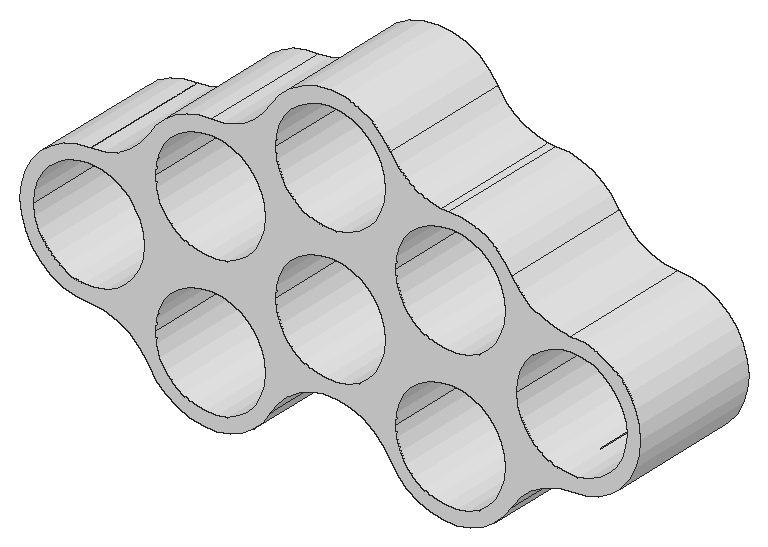
Revit family "Haworth_Cloud_Shelf", category Furniture, Revit 2018
Family settings
  OmniClass Number = 23.40.70.14.64.21.14
  OmniClass Title = Free-Standing Component
  Work Plane-Based = No
  Always vertical = No
  Cut with Voids When Loaded = No
  Shared = No
  Room Calculation Point = No
Parameters (values of type "HCCE-CLD")
  Warranty = "http://www.haworth.com/resources/product-info/warranties"
  Void Offset = 0' - 2"  # constant formula
  URL - Product = "https://www.haworth.com/na/en/products/bookcases-credenzas/cloud.html"
  URL = "http://www.haworth.com/our-brands/haworth-collection"
  Size = "Verify Final Dim. w/ Haworth"  # constant formula
  Shelf Finish = Haworth _ Polymer _ Snow
  Revision Number = "4"  # constant formula
  Model = "HCCE-CLD"
  Manufacturer = "Haworth"  # constant formula
  Description = "Haworth Cloud Shelf"
  Author = "Haworth (Hampton)"  # constant formula
  Assembly Code = "E2020200"
  Actual Width = 6' - 1 3/4"  # constant formula
  Actual Height = 3' - 5 1/4"  # constant formula
  Actual Depth = 1' - 3 3/4"  # constant formula
Reference planes (in)
  plane 1 "Back": y = 0
  plane 2: z = 0
  plane 3 "Left": x = 0
  plane 4 "Right": x = 73.75
  plane 5 "Center LR": x = 36.875
  plane 6 "Front": y = -15.75
  plane 7 "Center FB": y = -7.875
  plane 8 "Top": z = 41.25
  plane 9 "Void Back": y = 2
  plane 10 "Void Front": y = -17.75
Forms (in)
  Extrusion 1, solid, material "Haworth _ Polymer _ Snow" <- "Shelf Finish"
    sketch origin (0, 0, 0) x (1, 0, 0) y (0, 0, 1)
      loop
        arc (43.91768, 36.71798) -> (36.86889, 40.77027) -> (29.81448, 36.72778) r 8.16655
        arc (29.81448, 36.72778) -> (26.84342, 33.80344) -> (22.80378, 32.77377) r 7.98944
        arc (22.80378, 32.77377) -> (18.61005, 31.70741) -> (15.52086, 28.67732) r 8.31076
        arc (15.52086, 28.67732) -> (12.59574, 25.78248) -> (8.62119, 24.71508) r 8.03691
        arc (8.62119, 24.71508) -> (8.59976, 24.71506) -> (8.57832, 24.71516) r 4
        arc (8.57832, 24.71516) -> (0.33821, 16.5643) -> (8.51893, 8.35384) r 8.18077
        arc (8.51893, 8.35384) -> (12.49812, 7.28041) -> (15.40908, 4.36278) r 7.97013
        arc (15.40908, 4.36278) -> (18.15525, 1.45493) -> (21.9181, 0.09916) r 8.6218
        arc (21.9181, 0.09916) -> (26.52337, 0.9632) -> (29.85484, 4.2581) r 8
        arc (29.85484, 4.2581) -> (36.8721, 8.45047) -> (43.88918, 4.25779) r 7.9687
        arc (43.88918, 4.25779) -> (47.18737, 0.9802) -> (51.75126, 0.0905) r 8
        arc (51.75126, 0.0905) -> (55.56077, 1.43279) -> (58.34092, 4.36278) r 8.6218
        arc (58.34092, 4.36278) -> (61.25188, 7.28041) -> (65.23107, 8.35384) r 7.97013
        arc (65.23107, 8.35384) -> (73.41179, 16.5643) -> (65.17168, 24.71516) r 8.18077
        arc (65.17168, 24.71516) -> (65.15024, 24.71506) -> (65.12881, 24.71508) r 4
        arc (65.12881, 24.71508) -> (61.15426, 25.78248) -> (58.22914, 28.67732) r 8.03691
        arc (58.22914, 28.67732) -> (55.06486, 31.74914) -> (50.77446, 32.76953) r 8.31076
        arc (50.77446, 32.76953) -> (50.27225, 32.77295) -> (49.77209, 32.81837) r 6
        arc (49.77209, 32.81837) -> (46.39328, 34.0902) -> (43.91768, 36.71798) r 8
    from 0 to 15.75
  Extrusion 2, void
    sketch origin (0, 0, 0) x (1, 0, 0) y (0, 0, 1)
      loop
        circle (36.88265, 32.56235) r 6.5
      loop
        circle (36.88265, 16.60595) r 6.5
      loop
        circle (22.74953, 24.6239) r 6.5
      loop
        circle (22.74953, 8.17726) r 6.5
      loop
        circle (8.46059, 16.60636) r 6.5
      loop
        circle (51.00047, 24.6239) r 6.5
      loop
        circle (51.00047, 8.17726) r 6.5
      loop
        circle (65.28941, 16.60636) r 6.5
    from -2 to 17.75
Cuts and joins
  Extrusion 2 cuts Extrusion 1
Lines and regions (in)
  Masking region 1
    outline origin (0, 0, 0) x (1, 0, 0) y (0, 1, 0)
      loop
        line (0, 0) -> (0, -15.75) -> (73.75, -15.75) -> (73.75, 0) -> (0, 0)
  symbolic lines, detail levels fine
    curve 1: line (2, -15.75, 0) -> (2, 0, 0)
    curve 2: line (15, -15.75, 0) -> (15, 0, 0)
    curve 3: line (16.25, -15.75, 0) -> (16.25, 0, 0)
    curve 4: line (29.25, -15.75, 0) -> (29.25, 0, 0)
    curve 5: line (30.5, -15.75, 0) -> (30.5, 0, 0)
    curve 6: line (71.75, -15.75, 0) -> (71.75, 0, 0)
    curve 7: line (58.75, -15.75, 0) -> (58.75, 0, 0)
    curve 8: line (57.5, -15.75, 0) -> (57.5, 0, 0)
    curve 9: line (44.5, -15.75, 0) -> (44.5, 0, 0)
    curve 10: line (43.25, -15.75, 0) -> (43.25, 0, 0)
Dimensions and locks (in)
  equal spacing: plane 6 "Front", plane 7 "Center FB", plane 1 "Back"
  "Actual Depth": plane 6 "Front" to plane 1 "Back"
  "Actual Height": plane 8 "Top" to level
  equal spacing: plane 3 "Left", plane 5 "Center LR", plane 4 "Right"
  "Actual Width": plane 3 "Left" to plane 4 "Right"
  "Void Offset": plane 1 "Back" to plane 9 "Void Back"
  "Void Offset": plane 10 "Void Front" to plane 6 "Front"
  aligned and locked: plane 6 "Front" to Extrusion 1
  aligned and locked: Extrusion 1 to plane 1 "Back"
  aligned and locked: plane 9 "Void Back" to Extrusion 2
  aligned and locked: plane 10 "Void Front" to Extrusion 2
  aligned and locked: plane 3 "Left" to Masking region 1 sketch curve
  aligned and locked: Masking region 1 sketch curve to plane 4 "Right"
  aligned and locked: plane 1 "Back" to Masking region 1 sketch curve
  aligned and locked: Masking region 1 sketch curve to plane 6 "Front"
  aligned and locked: plane 1 "Back" to curve 1
  aligned and locked: plane 1 "Back" to curve 2
  aligned and locked: plane 1 "Back" to curve 3
  aligned and locked: plane 1 "Back" to curve 4
  aligned and locked: plane 1 "Back" to curve 5
  aligned and locked: plane 1 "Back" to curve 10
  aligned and locked: plane 1 "Back" to curve 9
  aligned and locked: plane 1 "Back" to curve 8
  aligned and locked: plane 1 "Back" to curve 7
  aligned and locked: plane 1 "Back" to cut or joined group of Extrusion 1, Extrusion 2
  aligned and locked: plane 6 "Front" to curve 6
  aligned and locked: plane 6 "Front" to curve 7
  aligned and locked: plane 6 "Front" to cut or joined group of Extrusion 1, Extrusion 2
  aligned and locked: plane 6 "Front" to curve 9
  aligned and locked: plane 6 "Front" to curve 10
  aligned and locked: plane 6 "Front" to curve 5
  aligned and locked: plane 6 "Front" to curve 4
  aligned and locked: plane 6 "Front" to curve 3
  aligned and locked: plane 6 "Front" to curve 2
  aligned and locked: plane 6 "Front" to curve 1
Automatic sketch dimensions
  plane 3 "Left" to Extrusion 2 sketch curve = 0' - 8.46059"
  Extrusion 2 sketch curve to plane 5 "Center LR" = 1' - 2.12547"  (x2)
  plane 5 "Center LR" to Extrusion 2 sketch curve = 0' - 0.00765"  (x2)
  plane 5 "Center LR" to Extrusion 2 sketch curve = 1' - 2.12547"  (x2)
  Extrusion 2 sketch curve to plane 4 "Right" = 0' - 8.46059"
  level to Extrusion 2 sketch curve = 0' - 8.17726"  (x2)
  Extrusion 2 sketch curve to Extrusion 2 sketch curve = 0' - 8.42869"
  Extrusion 2 sketch curve to Extrusion 2 sketch curve = 0' - 8.42909"  (x2)
  Extrusion 2 sketch curve to Extrusion 2 sketch curve = 0' - 8.01795"  (x2)
  Extrusion 2 sketch curve to plane 8 "Top" = 0' - 8.68765"
  level to Extrusion 1 sketch curve = 0' - 0.38372"
  plane 3 "Left" to Extrusion 1 sketch curve = 0' - 8.50328"
  plane 3 "Left" to Extrusion 1 sketch curve = 0' - 8.51893"
  Extrusion 1 sketch curve to Extrusion 1 sketch curve = 0' - 0.0594"
  Extrusion 1 sketch curve to Extrusion 1 sketch curve = 0' - 0"  (x14)
  Extrusion 1 sketch curve to Extrusion 1 sketch curve = 0' - 0.01509"
  Extrusion 1 sketch curve to Extrusion 1 sketch curve = 0' - 0.02904"
  Extrusion 1 sketch curve to Extrusion 1 sketch curve = 0' - 0.04287"  (x2)
  level to Extrusion 1 sketch curve = 0' - 4.36278"
  Extrusion 1 sketch curve to Extrusion 1 sketch curve = 0' - 6.89015"  (x2)
  Extrusion 1 sketch curve to Extrusion 1 sketch curve = 0' - 6.91349"
  level to Extrusion 1 sketch curve = 0' - 0.09916"
  Extrusion 1 sketch curve to Extrusion 1 sketch curve = 0' - 6.50902"
  Extrusion 1 sketch curve to Extrusion 1 sketch curve = 0' - 7.16349"  (x2)
  Extrusion 1 sketch curve to Extrusion 1 sketch curve = 0' - 0.11944"
  Extrusion 1 sketch curve to Extrusion 1 sketch curve = 0' - 0.06934"
  Extrusion 1 sketch curve to plane 8 "Top" = 0' - 0.48761"
  Extrusion 1 sketch curve to Extrusion 1 sketch curve = 0' - 0.11482"
  Extrusion 1 sketch curve to plane 5 "Center LR" = 0' - 7.06052"
  level to Extrusion 1 sketch curve = 0' - 4.2581"
  Extrusion 1 sketch curve to plane 5 "Center LR" = 0' - 7.02016"
  Extrusion 1 sketch curve to plane 5 "Center LR" = 0' - 0.01178"
  Extrusion 1 sketch curve to plane 5 "Center LR" = 0' - 0.00308"
  level to Extrusion 1 sketch curve = 0' - 4.25779"
  plane 5 "Center LR" to Extrusion 1 sketch curve = 0' - 7.01418"
  plane 5 "Center LR" to Extrusion 1 sketch curve = 0' - 7.04268"
  Extrusion 1 sketch curve to Extrusion 1 sketch curve = 0' - 5.8544"
  Extrusion 1 sketch curve to plane 8 "Top" = 0' - 2.48416"
  Extrusion 1 sketch curve to Extrusion 1 sketch curve = 0' - 0.79214"
  Extrusion 1 sketch curve to Extrusion 1 sketch curve = 0' - 1.00237"
  Extrusion 1 sketch curve to Extrusion 1 sketch curve = 0' - 6.98129"
  Extrusion 1 sketch curve to Extrusion 1 sketch curve = 0' - 0.06352"
  Extrusion 1 sketch curve to Extrusion 1 sketch curve = 0' - 0.2912"
  level to Extrusion 1 sketch curve = 0' - 0.0905"
  Extrusion 1 sketch curve to Extrusion 1 sketch curve = 0' - 0.81726"
  Extrusion 1 sketch curve to Extrusion 1 sketch curve = 0' - 6.58966"
  Extrusion 1 sketch curve to Extrusion 1 sketch curve = 0' - 6.89966"
  Extrusion 1 sketch curve to Extrusion 1 sketch curve = 0' - 0.01383"
  Extrusion 1 sketch curve to Extrusion 1 sketch curve = 0' - 0.01395"
  plane 6 "Front" to curve 8 = 0' - 0"
  plane 1 "Back" to curve 6 = 0' - 0"
  curve 7 to curve 6 = 1' - 1"
  curve 8 to curve 7 = 0' - 1 1/4"
  plane 5 "Center LR" to curve 9 = 0' - 7 5/8"
  curve 10 to curve 9 = 0' - 1 1/4"
  curve 5 to plane 5 "Center LR" = 0' - 6 3/8"
  curve 4 to curve 5 = 0' - 1 1/4"
  curve 3 to curve 4 = 1' - 1"
  curve 2 to curve 3 = 0' - 1 1/4"
  plane 3 "Left" to curve 1 = 0' - 2"
  curve 9 to curve 8 = 1' - 1"
  radius of Extrusion 2 sketch curve = 0' - 6 1/2"  (x8)
